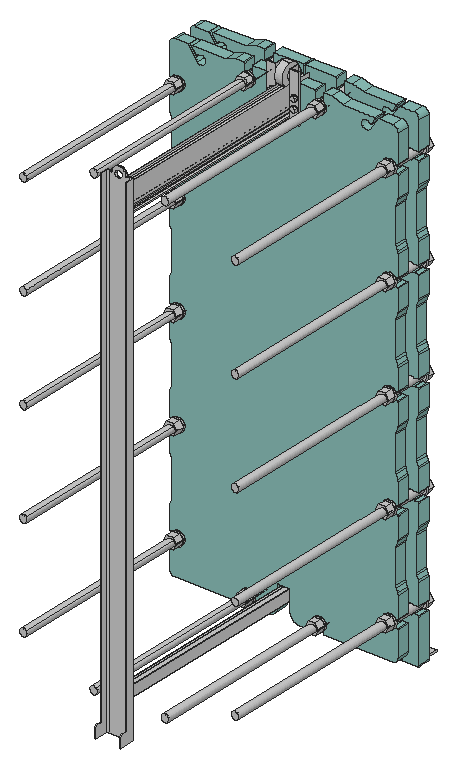
Revit family "Ekin_Endüstriyel - MIT5180", category Specialty Equipment, Revit 2022
Family settings
  Round Connector Dimension = Use Diameter
  Part Type = Normal
  Work Plane-Based = No
  Always vertical = No
  Cut with Voids When Loaded = No
  Maintain Annotation Orientation = No
  Shared = No
  Room Calculation Point = No
Parameters (values of type "Flanged")
  URL = "https://en.ekinendustriyel.com/plate-heat-exchanger"
  Type Comments = ""
  Thickness_of_Plate [instance] = 0.50 mm  # constant formula
  Number_of_Plate [instance] = 20
  Model = if(Hygienic, if(Design Pressure < 11.0 bar, "H12340000F300L", if(Design Pressure < 16.0 bar, " H12340000F300M", " H12340000F300H")), if(Design Pressure < 10.0 bar, "E12340000F2300L", if(Design Pressure < 16.0 bar, " E12340000F300M", " E12340000F300H")))  # "H12340000F300L"
  Material = Galvanized Steel- S235JR
  Manufacturer = "Ekin Endüstriyel"
  M30 = Design Pressure > 10.0 bar  # no
  Lk [instance] = (Number_of_Plate) * ((Thickness_of_Plate) + 3.30 mm)  # 76.00 mm
  Lh [instance] = 2600.00 mm  # constant formula
  Lf [instance] = 2525.00 mm  # constant formula
  Lc [instance] = if(Number_of_Plate < 181, 1200.00 mm, if(Number_of_Plate < 211, 1800.00 mm, if(Number_of_Plate < 313, 2400.00 mm, if(Number_of_Plate < 415, 3000.00 mm, if(Number_of_Plate < 516, 3600.00 mm, if(Number_of_Plate < 618, 4200.00 mm, 4800.00 mm))))))  # 1200.00 mm
  La [instance] = 1190.00 mm  # constant formula
  Keynote = ""
  Industrial [instance] = not(Hygienic)  # no
  Hygienic = yes
  Head & Follower Plate [instance] = if(Design Pressure < 11.0 bar, 60.00 mm, if(Design Pressure < 17.0 bar, 80.00 mm, 100.00 mm))  # 60.00 mm
  Follower Plate [instance] = -(Head & Follower Plate)  # -60.00 mm
  Design Pressure = 7 bar
  Description = if(Design Pressure < 11.0 bar, "MIT - Heat Exchanger - 10 bar", if(Design Pressure < 16.0 bar, " MIT - Heat Exchanger - 16 bar", " MIT - Heat Exchanger - 25 bar"))  # "MIT - Heat Exchanger - 10 bar"
  Default Elevation = 0.00 mm
Reference planes
  plane 1 "Center (Front/Back)": y = 0
  plane 2: z = 0
  plane 3 "Center (Left/Right)": x = 0
  plane 4: x = 1160
  plane 5: x = -1000
  plane 6 "2": y = -136
  plane 7 "1": y = -60
  plane 8 "3": y = -1260
  plane 9 "Bolt End": y = 18.7
  plane 10: y = -1200
Forms (mm)
  Extrusion 1, solid, material "Galvanized Steel", detail levels fine
    sketch origin (4.063, 0, 0) x (1, 0, 0) y (0, 0, 1)
      loop
        line (471.054, 2580) -> (300.887, 2580) -> (245.937, 2600) -> (204.937, 2600)
        arc (204.937, 2600) -> (202.816, 2599.121) -> (201.937, 2597) r 3
        line (201.937, 2597) -> (201.937, 2548.822)
        arc (201.937, 2548.822) -> (202.101, 2547.842) -> (202.576, 2546.97) r 3
        arc (202.576, 2546.97) -> (180.937, 2502.5) -> (159.298, 2546.97) r 27.5
        arc (159.298, 2546.97) -> (159.773, 2547.842) -> (159.937, 2548.822) r 3
        line (159.937, 2548.822) -> (159.937, 2597)
        arc (159.937, 2597) -> (159.058, 2599.121) -> (156.937, 2600) r 3
        line (156.937, 2600) -> (1.937, 2600)
        arc (1.937, 2600) -> (-0.184, 2599.121) -> (-1.063, 2597) r 3
        line (-1.063, 2597) -> (-1.063, 2550.093)
        arc (-1.063, 2550.093) -> (-0.613, 2548.512) -> (0.604, 2547.406) r 3
        arc (0.604, 2547.406) -> (6.437, 2538) -> (0.604, 2528.594) r 10.5
        arc (0.604, 2528.594) -> (-0.613, 2527.488) -> (-1.063, 2525.907) r 3
        line (-1.063, 2525.907) -> (-1.063, 2490.093)
        arc (-1.063, 2490.093) -> (-0.613, 2488.512) -> (0.604, 2487.406) r 3
        arc (0.604, 2487.406) -> (-4.063, 2467.5) -> (-8.73, 2487.406) r 10.5
        arc (-8.73, 2487.406) -> (-7.514, 2488.512) -> (-7.063, 2490.093) r 3
        line (-7.063, 2490.093) -> (-7.063, 2525.907)
        arc (-7.063, 2525.907) -> (-7.514, 2527.488) -> (-8.73, 2528.594) r 3
        arc (-8.73, 2528.594) -> (-14.563, 2538) -> (-8.73, 2547.406) r 10.5
        arc (-8.73, 2547.406) -> (-7.514, 2548.512) -> (-7.063, 2550.093) r 3
        line (-7.063, 2550.093) -> (-7.063, 2597)
        arc (-7.063, 2597) -> (-7.942, 2599.121) -> (-10.063, 2600) r 3
        line (-10.063, 2600) -> (-165.063, 2600)
        arc (-165.063, 2600) -> (-167.184, 2599.121) -> (-168.063, 2597) r 3
        line (-168.063, 2597) -> (-168.063, 2548.822)
        arc (-168.063, 2548.822) -> (-167.899, 2547.842) -> (-167.424, 2546.97) r 3
        arc (-167.424, 2546.97) -> (-189.063, 2502.5) -> (-210.702, 2546.97) r 27.5
        arc (-210.702, 2546.97) -> (-210.227, 2547.842) -> (-210.063, 2548.822) r 3
        line (-210.063, 2548.822) -> (-210.063, 2597)
        arc (-210.063, 2597) -> (-210.942, 2599.121) -> (-213.063, 2600) r 3
        line (-213.063, 2600) -> (-254.063, 2600) -> (-309.013, 2580) -> (-479.181, 2580)
        arc (-479.181, 2580) -> (-481.842, 2578.385) -> (-481.638, 2575.279) r 3
        line (-481.638, 2575.279) -> (-459.713, 2543.967)
        arc (-459.713, 2543.967) -> (-457.231, 2542.688) -> (-454.771, 2544.007) r 3
        arc (-454.771, 2544.007) -> (-409.064, 2530.202) -> (-454.542, 2515.661) r 25
        line (-454.542, 2515.661) -> (-498.697, 2578.721)
        arc (-498.697, 2578.721) -> (-499.769, 2579.661) -> (-501.154, 2580) r 3
        line (-501.154, 2580) -> (-569.063, 2580)
        arc (-569.063, 2580) -> (-590.276, 2571.213) -> (-599.063, 2550) r 30
        line (-599.063, 2550) -> (-599.063, 2405)
        arc (-599.063, 2405) -> (-598.184, 2402.879) -> (-596.063, 2402) r 3
        line (-596.063, 2402) -> (-573.885, 2402)
        arc (-573.885, 2402) -> (-572.905, 2402.164) -> (-572.033, 2402.639) r 3
        arc (-572.033, 2402.639) -> (-527.563, 2381) -> (-572.033, 2359.361) r 27.5
        arc (-572.033, 2359.361) -> (-572.905, 2359.836) -> (-573.885, 2360) r 3
        line (-573.885, 2360) -> (-596.063, 2360)
        arc (-596.063, 2360) -> (-598.184, 2359.121) -> (-599.063, 2357) r 3
        line (-599.063, 2357) -> (-599.063, 2246.76)
        arc (-599.063, 2246.76) -> (-598.607, 2241.55) -> (-597.254, 2236.499) r 30
        line (-597.254, 2236.499) -> (-588.872, 2213.471)
        arc (-588.872, 2213.471) -> (-587.519, 2208.42) -> (-587.063, 2203.21) r 30
        line (-587.063, 2203.21) -> (-587.063, 2028.79)
        arc (-587.063, 2028.79) -> (-587.519, 2023.58) -> (-588.872, 2018.529) r 30
        line (-588.872, 2018.529) -> (-597.254, 1995.501)
        arc (-597.254, 1995.501) -> (-598.607, 1990.45) -> (-599.063, 1985.24) r 30
        line (-599.063, 1985.24) -> (-599.063, 1875)
        arc (-599.063, 1875) -> (-598.184, 1872.879) -> (-596.063, 1872) r 3
        line (-596.063, 1872) -> (-573.885, 1872)
        arc (-573.885, 1872) -> (-572.905, 1872.164) -> (-572.033, 1872.639) r 3
        arc (-572.033, 1872.639) -> (-527.563, 1851) -> (-572.033, 1829.361) r 27.5
        arc (-572.033, 1829.361) -> (-572.905, 1829.836) -> (-573.885, 1830) r 3
        line (-573.885, 1830) -> (-596.063, 1830)
        arc (-596.063, 1830) -> (-598.184, 1829.121) -> (-599.063, 1827) r 3
        line (-599.063, 1827) -> (-599.063, 1716.76)
        arc (-599.063, 1716.76) -> (-598.607, 1711.55) -> (-597.254, 1706.499) r 30
        line (-597.254, 1706.499) -> (-588.872, 1683.471)
        arc (-588.872, 1683.471) -> (-587.519, 1678.42) -> (-587.063, 1673.21) r 30
        line (-587.063, 1673.21) -> (-587.063, 1498.79)
        arc (-587.063, 1498.79) -> (-587.519, 1493.58) -> (-588.872, 1488.529) r 30
        line (-588.872, 1488.529) -> (-597.254, 1465.501)
        arc (-597.254, 1465.501) -> (-598.607, 1460.45) -> (-599.063, 1455.24) r 30
        line (-599.063, 1455.24) -> (-599.063, 1345)
        arc (-599.063, 1345) -> (-598.184, 1342.879) -> (-596.063, 1342) r 3
        line (-596.063, 1342) -> (-573.885, 1342)
        arc (-573.885, 1342) -> (-572.905, 1342.164) -> (-572.033, 1342.639) r 3
        arc (-572.033, 1342.639) -> (-527.563, 1321) -> (-572.033, 1299.361) r 27.5
        arc (-572.033, 1299.361) -> (-572.905, 1299.836) -> (-573.885, 1300) r 3
        line (-573.885, 1300) -> (-596.063, 1300)
        arc (-596.063, 1300) -> (-598.184, 1299.121) -> (-599.063, 1297) r 3
        line (-599.063, 1297) -> (-599.063, 1186.76)
        arc (-599.063, 1186.76) -> (-598.607, 1181.55) -> (-597.254, 1176.499) r 30
        line (-597.254, 1176.499) -> (-588.872, 1153.471)
        arc (-588.872, 1153.471) -> (-587.519, 1148.42) -> (-587.063, 1143.21) r 30
        line (-587.063, 1143.21) -> (-587.063, 968.79)
        arc (-587.063, 968.79) -> (-587.519, 963.58) -> (-588.872, 958.529) r 30
        line (-588.872, 958.529) -> (-597.254, 935.501)
        arc (-597.254, 935.501) -> (-598.607, 930.45) -> (-599.063, 925.24) r 30
        line (-599.063, 925.24) -> (-599.063, 815)
        arc (-599.063, 815) -> (-598.184, 812.879) -> (-596.063, 812) r 3
        line (-596.063, 812) -> (-573.885, 812)
        arc (-573.885, 812) -> (-572.905, 812.164) -> (-572.033, 812.639) r 3
        arc (-572.033, 812.639) -> (-527.563, 791) -> (-572.033, 769.361) r 27.5
        arc (-572.033, 769.361) -> (-572.905, 769.836) -> (-573.885, 770) r 3
        line (-573.885, 770) -> (-596.063, 770)
        arc (-596.063, 770) -> (-598.184, 769.121) -> (-599.063, 767) r 3
        line (-599.063, 767) -> (-599.063, 656.76)
        arc (-599.063, 656.76) -> (-598.607, 651.55) -> (-597.254, 646.499) r 30
        line (-597.254, 646.499) -> (-588.872, 623.471)
        arc (-588.872, 623.471) -> (-587.519, 618.42) -> (-587.063, 613.21) r 30
        line (-587.063, 613.21) -> (-587.063, 438.79)
        arc (-587.063, 438.79) -> (-587.519, 433.58) -> (-588.872, 428.529) r 30
        line (-588.872, 428.529) -> (-597.254, 405.501)
        arc (-597.254, 405.501) -> (-598.607, 400.45) -> (-599.063, 395.24) r 30
        line (-599.063, 395.24) -> (-599.063, 285)
        arc (-599.063, 285) -> (-598.184, 282.879) -> (-596.063, 282) r 3
        line (-596.063, 282) -> (-573.885, 282)
        arc (-573.885, 282) -> (-572.905, 282.164) -> (-572.033, 282.639) r 3
        arc (-572.033, 282.639) -> (-527.563, 261) -> (-572.033, 239.361) r 27.5
        arc (-572.033, 239.361) -> (-572.905, 239.836) -> (-573.885, 240) r 3
        line (-573.885, 240) -> (-596.063, 240)
        arc (-596.063, 240) -> (-598.184, 239.121) -> (-599.063, 237) r 3
        line (-599.063, 237) -> (-599.063, 10)
        arc (-599.063, 10) -> (-596.134, 2.929) -> (-589.063, 0) r 10
        line (-589.063, 0) -> (-515.063, 0)
        arc (-515.063, 0) -> (-512.942, 0.879) -> (-512.063, 3) r 3
        line (-512.063, 3) -> (-512.063, 32.907)
        arc (-512.063, 32.907) -> (-512.514, 34.488) -> (-513.73, 35.594) r 3
        arc (-513.73, 35.594) -> (-509.063, 55.5) -> (-504.396, 35.594) r 10.5
        arc (-504.396, 35.594) -> (-505.613, 34.488) -> (-506.063, 32.907) r 3
        line (-506.063, 32.907) -> (-506.063, 3)
        arc (-506.063, 3) -> (-505.184, 0.879) -> (-503.063, 0) r 3
        line (-503.063, 0) -> (-429.063, 0)
        arc (-429.063, 0) -> (-421.992, 2.929) -> (-419.063, 10) r 10
        line (-419.063, 10) -> (-419.063, 29.216)
        arc (-419.063, 29.216) -> (-417.541, 36.869) -> (-413.205, 43.358) r 20
        line (-413.205, 43.358) -> (-387.421, 69.142)
        arc (-387.421, 69.142) -> (-380.932, 73.478) -> (-373.279, 75) r 20
        line (-373.279, 75) -> (-213.063, 75)
        arc (-213.063, 75) -> (-210.942, 75.879) -> (-210.063, 78) r 3
        line (-210.063, 78) -> (-210.063, 101.178)
        arc (-210.063, 101.178) -> (-210.227, 102.158) -> (-210.702, 103.03) r 3
        arc (-210.702, 103.03) -> (-189.063, 147.5) -> (-167.424, 103.03) r 27.5
        arc (-167.424, 103.03) -> (-167.899, 102.158) -> (-168.063, 101.178) r 3
        line (-168.063, 101.178) -> (-168.063, 78)
        arc (-168.063, 78) -> (-167.184, 75.879) -> (-165.063, 75) r 3
        line (-165.063, 75) -> (-10.063, 75)
        arc (-10.063, 75) -> (-7.942, 75.879) -> (-7.063, 78) r 3
        line (-7.063, 78) -> (-7.063, 126.907)
        arc (-7.063, 126.907) -> (-7.514, 128.488) -> (-8.73, 129.594) r 3
        arc (-8.73, 129.594) -> (-14.563, 139) -> (-8.73, 148.406) r 10.5
        arc (-8.73, 148.406) -> (-7.514, 149.512) -> (-7.063, 151.093) r 3
        line (-7.063, 151.093) -> (-7.063, 186.907)
        arc (-7.063, 186.907) -> (-7.514, 188.488) -> (-8.73, 189.594) r 3
        arc (-8.73, 189.594) -> (-4.063, 209.5) -> (0.604, 189.594) r 10.5
        arc (0.604, 189.594) -> (-0.613, 188.488) -> (-1.063, 186.907) r 3
        line (-1.063, 186.907) -> (-1.063, 151.093)
        arc (-1.063, 151.093) -> (-0.613, 149.512) -> (0.604, 148.406) r 3
        arc (0.604, 148.406) -> (6.437, 139) -> (0.604, 129.594) r 10.5
        arc (0.604, 129.594) -> (-0.613, 128.488) -> (-1.063, 126.907) r 3
        line (-1.063, 126.907) -> (-1.063, 78)
        arc (-1.063, 78) -> (-0.184, 75.879) -> (1.937, 75) r 3
        line (1.937, 75) -> (156.937, 75)
        arc (156.937, 75) -> (159.058, 75.879) -> (159.937, 78) r 3
        line (159.937, 78) -> (159.937, 101.178)
        arc (159.937, 101.178) -> (159.773, 102.158) -> (159.298, 103.03) r 3
        arc (159.298, 103.03) -> (180.937, 147.5) -> (202.576, 103.03) r 27.5
        arc (202.576, 103.03) -> (202.101, 102.158) -> (201.937, 101.178) r 3
        line (201.937, 101.178) -> (201.937, 78)
        arc (201.937, 78) -> (202.816, 75.879) -> (204.937, 75) r 3
        line (204.937, 75) -> (365.153, 75)
        arc (365.153, 75) -> (372.806, 73.478) -> (379.295, 69.142) r 20
        line (379.295, 69.142) -> (405.079, 43.358)
        arc (405.079, 43.358) -> (409.415, 36.869) -> (410.937, 29.216) r 20
        line (410.937, 29.216) -> (410.937, 10)
        arc (410.937, 10) -> (413.866, 2.929) -> (420.937, 0) r 10
        line (420.937, 0) -> (494.937, 0)
        arc (494.937, 0) -> (497.058, 0.879) -> (497.937, 3) r 3
        line (497.937, 3) -> (497.937, 32.907)
        arc (497.937, 32.907) -> (497.486, 34.488) -> (496.27, 35.594) r 3
        arc (496.27, 35.594) -> (500.937, 55.5) -> (505.604, 35.594) r 10.5
        arc (505.604, 35.594) -> (504.387, 34.488) -> (503.937, 32.907) r 3
        line (503.937, 32.907) -> (503.937, 3)
        arc (503.937, 3) -> (504.816, 0.879) -> (506.937, 0) r 3
        line (506.937, 0) -> (580.937, 0)
        arc (580.937, 0) -> (588.008, 2.929) -> (590.937, 10) r 10
        line (590.937, 10) -> (590.937, 237)
        arc (590.937, 237) -> (590.058, 239.121) -> (587.937, 240) r 3
        line (587.937, 240) -> (565.759, 240)
        arc (565.759, 240) -> (564.779, 239.836) -> (563.907, 239.361) r 3
        arc (563.907, 239.361) -> (519.437, 261) -> (563.907, 282.639) r 27.5
        arc (563.907, 282.639) -> (564.779, 282.164) -> (565.759, 282) r 3
        line (565.759, 282) -> (587.937, 282)
        arc (587.937, 282) -> (590.058, 282.879) -> (590.937, 285) r 3
        line (590.937, 285) -> (590.937, 395.24)
        arc (590.937, 395.24) -> (590.481, 400.45) -> (589.128, 405.501) r 30
        line (589.128, 405.501) -> (580.746, 428.529)
        arc (580.746, 428.529) -> (579.393, 433.58) -> (578.937, 438.79) r 30
        line (578.937, 438.79) -> (578.937, 613.21)
        arc (578.937, 613.21) -> (579.393, 618.42) -> (580.746, 623.471) r 30
        line (580.746, 623.471) -> (589.128, 646.499)
        arc (589.128, 646.499) -> (590.481, 651.55) -> (590.937, 656.76) r 30
        line (590.937, 656.76) -> (590.937, 767)
        arc (590.937, 767) -> (590.058, 769.121) -> (587.937, 770) r 3
        line (587.937, 770) -> (565.759, 770)
        arc (565.759, 770) -> (564.779, 769.836) -> (563.907, 769.361) r 3
        arc (563.907, 769.361) -> (519.437, 791) -> (563.907, 812.639) r 27.5
        arc (563.907, 812.639) -> (564.779, 812.164) -> (565.759, 812) r 3
        line (565.759, 812) -> (587.937, 812)
        arc (587.937, 812) -> (590.058, 812.879) -> (590.937, 815) r 3
        line (590.937, 815) -> (590.937, 925.24)
        arc (590.937, 925.24) -> (590.481, 930.45) -> (589.128, 935.501) r 30
        line (589.128, 935.501) -> (580.746, 958.529)
        arc (580.746, 958.529) -> (579.393, 963.58) -> (578.937, 968.79) r 30
        line (578.937, 968.79) -> (578.937, 1143.21)
        arc (578.937, 1143.21) -> (579.393, 1148.42) -> (580.746, 1153.471) r 30
        line (580.746, 1153.471) -> (589.128, 1176.499)
        arc (589.128, 1176.499) -> (590.481, 1181.55) -> (590.937, 1186.76) r 30
        line (590.937, 1186.76) -> (590.937, 1297)
        arc (590.937, 1297) -> (590.058, 1299.121) -> (587.937, 1300) r 3
        line (587.937, 1300) -> (565.759, 1300)
        arc (565.759, 1300) -> (564.779, 1299.836) -> (563.907, 1299.361) r 3
        arc (563.907, 1299.361) -> (519.437, 1321) -> (563.907, 1342.639) r 27.5
        arc (563.907, 1342.639) -> (564.779, 1342.164) -> (565.759, 1342) r 3
        line (565.759, 1342) -> (587.937, 1342)
        arc (587.937, 1342) -> (590.058, 1342.879) -> (590.937, 1345) r 3
        line (590.937, 1345) -> (590.937, 1455.24)
        arc (590.937, 1455.24) -> (590.481, 1460.45) -> (589.128, 1465.501) r 30
        line (589.128, 1465.501) -> (580.746, 1488.529)
        arc (580.746, 1488.529) -> (579.393, 1493.58) -> (578.937, 1498.79) r 30
        line (578.937, 1498.79) -> (578.937, 1673.21)
        arc (578.937, 1673.21) -> (579.393, 1678.42) -> (580.746, 1683.471) r 30
        line (580.746, 1683.471) -> (589.128, 1706.499)
        arc (589.128, 1706.499) -> (590.481, 1711.55) -> (590.937, 1716.76) r 30
        line (590.937, 1716.76) -> (590.937, 1827)
        arc (590.937, 1827) -> (590.058, 1829.121) -> (587.937, 1830) r 3
        line (587.937, 1830) -> (565.759, 1830)
        arc (565.759, 1830) -> (564.779, 1829.836) -> (563.907, 1829.361) r 3
        arc (563.907, 1829.361) -> (519.437, 1851) -> (563.907, 1872.639) r 27.5
        arc (563.907, 1872.639) -> (564.779, 1872.164) -> (565.759, 1872) r 3
        line (565.759, 1872) -> (587.937, 1872)
        arc (587.937, 1872) -> (590.058, 1872.879) -> (590.937, 1875) r 3
        line (590.937, 1875) -> (590.937, 1985.24)
        arc (590.937, 1985.24) -> (590.481, 1990.45) -> (589.128, 1995.501) r 30
        line (589.128, 1995.501) -> (580.746, 2018.529)
        arc (580.746, 2018.529) -> (579.393, 2023.58) -> (578.937, 2028.79) r 30
        line (578.937, 2028.79) -> (578.937, 2203.21)
        arc (578.937, 2203.21) -> (579.393, 2208.42) -> (580.746, 2213.471) r 30
        line (580.746, 2213.471) -> (589.128, 2236.499)
        arc (589.128, 2236.499) -> (590.481, 2241.55) -> (590.937, 2246.76) r 30
        line (590.937, 2246.76) -> (590.937, 2357)
        arc (590.937, 2357) -> (590.058, 2359.121) -> (587.937, 2360) r 3
        line (587.937, 2360) -> (565.759, 2360)
        arc (565.759, 2360) -> (564.779, 2359.836) -> (563.907, 2359.361) r 3
        arc (563.907, 2359.361) -> (519.437, 2381) -> (563.907, 2402.639) r 27.5
        arc (563.907, 2402.639) -> (564.779, 2402.164) -> (565.759, 2402) r 3
        line (565.759, 2402) -> (587.937, 2402)
        arc (587.937, 2402) -> (590.058, 2402.879) -> (590.937, 2405) r 3
        line (590.937, 2405) -> (590.937, 2550)
        arc (590.937, 2550) -> (582.15, 2571.213) -> (560.937, 2580) r 30
        line (560.937, 2580) -> (493.028, 2580)
        arc (493.028, 2580) -> (491.643, 2579.661) -> (490.571, 2578.721) r 3
        line (490.571, 2578.721) -> (446.416, 2515.661)
        arc (446.416, 2515.661) -> (400.938, 2530.202) -> (446.645, 2544.007) r 25
        arc (446.645, 2544.007) -> (449.105, 2542.688) -> (451.587, 2543.967) r 3
        line (451.587, 2543.967) -> (473.512, 2575.279)
        arc (473.512, 2575.279) -> (473.716, 2578.385) -> (471.054, 2580) r 3
      loop
        circle (293.937, 2242) r 159
      loop
        circle (293.937, 400) r 159
      loop
        circle (-302.063, 2242) r 159
      loop
        circle (-302.063, 400) r 159
    from 0 to 60
  Extrusion 2, solid, material "Galvanized Steel", detail levels fine
    sketch origin (4.063, -136, 0) x (-1, 0, 0) y (0, 0, 1)
      loop
        arc (-471.054, 2580) -> (-473.716, 2578.385) -> (-473.512, 2575.279) r 3
        line (-473.512, 2575.279) -> (-451.587, 2543.967)
        arc (-451.587, 2543.967) -> (-449.105, 2542.688) -> (-446.645, 2544.007) r 3
        arc (-446.645, 2544.007) -> (-400.938, 2530.202) -> (-446.416, 2515.661) r 25
        line (-446.416, 2515.661) -> (-490.571, 2578.721)
        arc (-490.571, 2578.721) -> (-491.643, 2579.661) -> (-493.028, 2580) r 3
        line (-493.028, 2580) -> (-560.937, 2580)
        arc (-560.937, 2580) -> (-582.15, 2571.213) -> (-590.937, 2550) r 30
        line (-590.937, 2550) -> (-590.937, 2405)
        arc (-590.937, 2405) -> (-590.058, 2402.879) -> (-587.937, 2402) r 3
        line (-587.937, 2402) -> (-565.759, 2402)
        arc (-565.759, 2402) -> (-564.779, 2402.164) -> (-563.907, 2402.639) r 3
        arc (-563.907, 2402.639) -> (-519.437, 2381) -> (-563.907, 2359.361) r 27.5
        arc (-563.907, 2359.361) -> (-564.779, 2359.836) -> (-565.759, 2360) r 3
        line (-565.759, 2360) -> (-587.937, 2360)
        arc (-587.937, 2360) -> (-590.058, 2359.121) -> (-590.937, 2357) r 3
        line (-590.937, 2357) -> (-590.937, 2246.76)
        arc (-590.937, 2246.76) -> (-590.481, 2241.55) -> (-589.128, 2236.499) r 30
        line (-589.128, 2236.499) -> (-580.746, 2213.471)
        arc (-580.746, 2213.471) -> (-579.393, 2208.42) -> (-578.937, 2203.21) r 30
        line (-578.937, 2203.21) -> (-578.937, 2028.79)
        arc (-578.937, 2028.79) -> (-579.393, 2023.58) -> (-580.746, 2018.529) r 30
        line (-580.746, 2018.529) -> (-589.128, 1995.501)
        arc (-589.128, 1995.501) -> (-590.481, 1990.45) -> (-590.937, 1985.24) r 30
        line (-590.937, 1985.24) -> (-590.937, 1875)
        arc (-590.937, 1875) -> (-590.058, 1872.879) -> (-587.937, 1872) r 3
        line (-587.937, 1872) -> (-565.759, 1872)
        arc (-565.759, 1872) -> (-564.779, 1872.164) -> (-563.907, 1872.639) r 3
        arc (-563.907, 1872.639) -> (-519.437, 1851) -> (-563.907, 1829.361) r 27.5
        arc (-563.907, 1829.361) -> (-564.779, 1829.836) -> (-565.759, 1830) r 3
        line (-565.759, 1830) -> (-587.937, 1830)
        arc (-587.937, 1830) -> (-590.058, 1829.121) -> (-590.937, 1827) r 3
        line (-590.937, 1827) -> (-590.937, 1716.76)
        arc (-590.937, 1716.76) -> (-590.481, 1711.55) -> (-589.128, 1706.499) r 30
        line (-589.128, 1706.499) -> (-580.746, 1683.471)
        arc (-580.746, 1683.471) -> (-579.393, 1678.42) -> (-578.937, 1673.21) r 30
        line (-578.937, 1673.21) -> (-578.937, 1498.79)
        arc (-578.937, 1498.79) -> (-579.393, 1493.58) -> (-580.746, 1488.529) r 30
        line (-580.746, 1488.529) -> (-589.128, 1465.501)
        arc (-589.128, 1465.501) -> (-590.481, 1460.45) -> (-590.937, 1455.24) r 30
        line (-590.937, 1455.24) -> (-590.937, 1345)
        arc (-590.937, 1345) -> (-590.058, 1342.879) -> (-587.937, 1342) r 3
        line (-587.937, 1342) -> (-565.759, 1342)
        arc (-565.759, 1342) -> (-564.779, 1342.164) -> (-563.907, 1342.639) r 3
        arc (-563.907, 1342.639) -> (-519.437, 1321) -> (-563.907, 1299.361) r 27.5
        arc (-563.907, 1299.361) -> (-564.779, 1299.836) -> (-565.759, 1300) r 3
        line (-565.759, 1300) -> (-587.937, 1300)
        arc (-587.937, 1300) -> (-590.058, 1299.121) -> (-590.937, 1297) r 3
        line (-590.937, 1297) -> (-590.937, 1186.76)
        arc (-590.937, 1186.76) -> (-590.481, 1181.55) -> (-589.128, 1176.499) r 30
        line (-589.128, 1176.499) -> (-580.746, 1153.471)
        arc (-580.746, 1153.471) -> (-579.393, 1148.42) -> (-578.937, 1143.21) r 30
        line (-578.937, 1143.21) -> (-578.937, 968.79)
        arc (-578.937, 968.79) -> (-579.393, 963.58) -> (-580.746, 958.529) r 30
        line (-580.746, 958.529) -> (-589.128, 935.501)
        arc (-589.128, 935.501) -> (-590.481, 930.45) -> (-590.937, 925.24) r 30
        line (-590.937, 925.24) -> (-590.937, 815)
        arc (-590.937, 815) -> (-590.058, 812.879) -> (-587.937, 812) r 3
        line (-587.937, 812) -> (-565.759, 812)
        arc (-565.759, 812) -> (-564.779, 812.164) -> (-563.907, 812.639) r 3
        arc (-563.907, 812.639) -> (-519.437, 791) -> (-563.907, 769.361) r 27.5
        arc (-563.907, 769.361) -> (-564.779, 769.836) -> (-565.759, 770) r 3
        line (-565.759, 770) -> (-587.937, 770)
        arc (-587.937, 770) -> (-590.058, 769.121) -> (-590.937, 767) r 3
        line (-590.937, 767) -> (-590.937, 656.76)
        arc (-590.937, 656.76) -> (-590.481, 651.55) -> (-589.128, 646.499) r 30
        line (-589.128, 646.499) -> (-580.746, 623.471)
        arc (-580.746, 623.471) -> (-579.393, 618.42) -> (-578.937, 613.21) r 30
        line (-578.937, 613.21) -> (-578.937, 438.79)
        arc (-578.937, 438.79) -> (-579.393, 433.58) -> (-580.746, 428.529) r 30
        line (-580.746, 428.529) -> (-589.128, 405.501)
        arc (-589.128, 405.501) -> (-590.481, 400.45) -> (-590.937, 395.24) r 30
        line (-590.937, 395.24) -> (-590.937, 285)
        arc (-590.937, 285) -> (-590.058, 282.879) -> (-587.937, 282) r 3
        line (-587.937, 282) -> (-565.759, 282)
        arc (-565.759, 282) -> (-564.779, 282.164) -> (-563.907, 282.639) r 3
        arc (-563.907, 282.639) -> (-519.437, 261) -> (-563.907, 239.361) r 27.5
        arc (-563.907, 239.361) -> (-564.779, 239.836) -> (-565.759, 240) r 3
        line (-565.759, 240) -> (-587.937, 240)
        arc (-587.937, 240) -> (-590.058, 239.121) -> (-590.937, 237) r 3
        line (-590.937, 237) -> (-590.937, 105)
        arc (-590.937, 105) -> (-582.15, 83.787) -> (-560.937, 75) r 30
        line (-560.937, 75) -> (-204.937, 75)
        arc (-204.937, 75) -> (-202.816, 75.879) -> (-201.937, 78) r 3
        line (-201.937, 78) -> (-201.937, 101.178)
        arc (-201.937, 101.178) -> (-202.101, 102.158) -> (-202.576, 103.03) r 3
        arc (-202.576, 103.03) -> (-180.937, 147.5) -> (-159.298, 103.03) r 27.5
        arc (-159.298, 103.03) -> (-159.773, 102.158) -> (-159.937, 101.178) r 3
        line (-159.937, 101.178) -> (-159.937, 78)
        arc (-159.937, 78) -> (-159.058, 75.879) -> (-156.937, 75) r 3
        line (-156.937, 75) -> (-75.937, 75)
        arc (-75.937, 75) -> (-40.582, 89.645) -> (-25.937, 125) r 50
        line (-25.937, 125) -> (-25.937, 230) -> (34.063, 230) -> (34.063, 125)
        arc (34.063, 125) -> (48.708, 89.645) -> (84.063, 75) r 50
        line (84.063, 75) -> (165.063, 75)
        arc (165.063, 75) -> (167.184, 75.879) -> (168.063, 78) r 3
        line (168.063, 78) -> (168.063, 101.178)
        arc (168.063, 101.178) -> (167.899, 102.158) -> (167.424, 103.03) r 3
        arc (167.424, 103.03) -> (189.063, 147.5) -> (210.702, 103.03) r 27.5
        arc (210.702, 103.03) -> (210.227, 102.158) -> (210.063, 101.178) r 3
        line (210.063, 101.178) -> (210.063, 78)
        arc (210.063, 78) -> (210.942, 75.879) -> (213.063, 75) r 3
        line (213.063, 75) -> (569.063, 75)
        arc (569.063, 75) -> (590.276, 83.787) -> (599.063, 105) r 30
        line (599.063, 105) -> (599.063, 237)
        arc (599.063, 237) -> (598.184, 239.121) -> (596.063, 240) r 3
        line (596.063, 240) -> (573.885, 240)
        arc (573.885, 240) -> (572.905, 239.836) -> (572.033, 239.361) r 3
        arc (572.033, 239.361) -> (527.563, 261) -> (572.033, 282.639) r 27.5
        arc (572.033, 282.639) -> (572.905, 282.164) -> (573.885, 282) r 3
        line (573.885, 282) -> (596.063, 282)
        arc (596.063, 282) -> (598.184, 282.879) -> (599.063, 285) r 3
        line (599.063, 285) -> (599.063, 395.24)
        arc (599.063, 395.24) -> (598.607, 400.45) -> (597.254, 405.501) r 30
        line (597.254, 405.501) -> (588.872, 428.529)
        arc (588.872, 428.529) -> (587.519, 433.58) -> (587.063, 438.79) r 30
        line (587.063, 438.79) -> (587.063, 613.21)
        arc (587.063, 613.21) -> (587.519, 618.42) -> (588.872, 623.471) r 30
        line (588.872, 623.471) -> (597.254, 646.499)
        arc (597.254, 646.499) -> (598.607, 651.55) -> (599.063, 656.76) r 30
        line (599.063, 656.76) -> (599.063, 767)
        arc (599.063, 767) -> (598.184, 769.121) -> (596.063, 770) r 3
        line (596.063, 770) -> (573.885, 770)
        arc (573.885, 770) -> (572.905, 769.836) -> (572.033, 769.361) r 3
        arc (572.033, 769.361) -> (527.563, 791) -> (572.033, 812.639) r 27.5
        arc (572.033, 812.639) -> (572.905, 812.164) -> (573.885, 812) r 3
        line (573.885, 812) -> (596.063, 812)
        arc (596.063, 812) -> (598.184, 812.879) -> (599.063, 815) r 3
        line (599.063, 815) -> (599.063, 925.24)
        arc (599.063, 925.24) -> (598.607, 930.45) -> (597.254, 935.501) r 30
        line (597.254, 935.501) -> (588.872, 958.529)
        arc (588.872, 958.529) -> (587.519, 963.58) -> (587.063, 968.79) r 30
        line (587.063, 968.79) -> (587.063, 1143.21)
        arc (587.063, 1143.21) -> (587.519, 1148.42) -> (588.872, 1153.471) r 30
        line (588.872, 1153.471) -> (597.254, 1176.499)
        arc (597.254, 1176.499) -> (598.607, 1181.55) -> (599.063, 1186.76) r 30
        line (599.063, 1186.76) -> (599.063, 1297)
        arc (599.063, 1297) -> (598.184, 1299.121) -> (596.063, 1300) r 3
        line (596.063, 1300) -> (573.885, 1300)
        arc (573.885, 1300) -> (572.905, 1299.836) -> (572.033, 1299.361) r 3
        arc (572.033, 1299.361) -> (527.563, 1321) -> (572.033, 1342.639) r 27.5
        arc (572.033, 1342.639) -> (572.905, 1342.164) -> (573.885, 1342) r 3
        line (573.885, 1342) -> (596.063, 1342)
        arc (596.063, 1342) -> (598.184, 1342.879) -> (599.063, 1345) r 3
        line (599.063, 1345) -> (599.063, 1455.24)
        arc (599.063, 1455.24) -> (598.607, 1460.45) -> (597.254, 1465.501) r 30
        line (597.254, 1465.501) -> (588.872, 1488.529)
        arc (588.872, 1488.529) -> (587.519, 1493.58) -> (587.063, 1498.79) r 30
        line (587.063, 1498.79) -> (587.063, 1673.21)
        arc (587.063, 1673.21) -> (587.519, 1678.42) -> (588.872, 1683.471) r 30
        line (588.872, 1683.471) -> (597.254, 1706.499)
        arc (597.254, 1706.499) -> (598.607, 1711.55) -> (599.063, 1716.76) r 30
        line (599.063, 1716.76) -> (599.063, 1827)
        arc (599.063, 1827) -> (598.184, 1829.121) -> (596.063, 1830) r 3
        line (596.063, 1830) -> (573.885, 1830)
        arc (573.885, 1830) -> (572.905, 1829.836) -> (572.033, 1829.361) r 3
        arc (572.033, 1829.361) -> (527.563, 1851) -> (572.033, 1872.639) r 27.5
        arc (572.033, 1872.639) -> (572.905, 1872.164) -> (573.885, 1872) r 3
        line (573.885, 1872) -> (596.063, 1872)
        arc (596.063, 1872) -> (598.184, 1872.879) -> (599.063, 1875) r 3
        line (599.063, 1875) -> (599.063, 1985.24)
        arc (599.063, 1985.24) -> (598.607, 1990.45) -> (597.254, 1995.501) r 30
        line (597.254, 1995.501) -> (588.872, 2018.529)
        arc (588.872, 2018.529) -> (587.519, 2023.58) -> (587.063, 2028.79) r 30
        line (587.063, 2028.79) -> (587.063, 2203.21)
        arc (587.063, 2203.21) -> (587.519, 2208.42) -> (588.872, 2213.471) r 30
        line (588.872, 2213.471) -> (597.254, 2236.499)
        arc (597.254, 2236.499) -> (598.607, 2241.55) -> (599.063, 2246.76) r 30
        line (599.063, 2246.76) -> (599.063, 2357)
        arc (599.063, 2357) -> (598.184, 2359.121) -> (596.063, 2360) r 3
        line (596.063, 2360) -> (573.885, 2360)
        arc (573.885, 2360) -> (572.905, 2359.836) -> (572.033, 2359.361) r 3
        arc (572.033, 2359.361) -> (527.563, 2381) -> (572.033, 2402.639) r 27.5
        arc (572.033, 2402.639) -> (572.905, 2402.164) -> (573.885, 2402) r 3
        line (573.885, 2402) -> (596.063, 2402)
        arc (596.063, 2402) -> (598.184, 2402.879) -> (599.063, 2405) r 3
        line (599.063, 2405) -> (599.063, 2550)
        arc (599.063, 2550) -> (590.276, 2571.213) -> (569.063, 2580) r 30
        line (569.063, 2580) -> (501.154, 2580)
        arc (501.154, 2580) -> (499.769, 2579.661) -> (498.697, 2578.721) r 3
        line (498.697, 2578.721) -> (454.542, 2515.661)
        arc (454.542, 2515.661) -> (409.064, 2530.202) -> (454.771, 2544.007) r 25
        arc (454.771, 2544.007) -> (457.231, 2542.688) -> (459.713, 2543.967) r 3
        line (459.713, 2543.967) -> (481.638, 2575.279)
        arc (481.638, 2575.279) -> (481.842, 2578.385) -> (479.181, 2580) r 3
        line (479.181, 2580) -> (309.013, 2580) -> (254.063, 2600) -> (213.063, 2600)
        arc (213.063, 2600) -> (210.942, 2599.121) -> (210.063, 2597) r 3
        line (210.063, 2597) -> (210.063, 2548.822)
        arc (210.063, 2548.822) -> (210.227, 2547.842) -> (210.702, 2546.97) r 3
        arc (210.702, 2546.97) -> (189.063, 2502.5) -> (167.424, 2546.97) r 27.5
        arc (167.424, 2546.97) -> (167.899, 2547.842) -> (168.063, 2548.822) r 3
        line (168.063, 2548.822) -> (168.063, 2597)
        arc (168.063, 2597) -> (167.184, 2599.121) -> (165.063, 2600) r 3
        line (165.063, 2600) -> (79.063, 2600) -> (79.063, 2545) -> (45.063, 2545) -> (45.063, 2530.2) -> (51.751, 2530.2)
        arc (51.751, 2530.2) -> (72.313, 2527.2) -> (51.751, 2524.2) r 10.5
        line (51.751, 2524.2) -> (45.063, 2524.2) -> (45.063, 2480.2) -> (51.751, 2480.2)
        arc (51.751, 2480.2) -> (72.313, 2477.2) -> (51.751, 2474.2) r 10.5
        line (51.751, 2474.2) -> (45.063, 2474.2) -> (45.063, 2400) -> (-36.937, 2400) -> (-36.937, 2474.2) -> (-43.625, 2474.2)
        arc (-43.625, 2474.2) -> (-64.187, 2477.2) -> (-43.625, 2480.2) r 10.5
        line (-43.625, 2480.2) -> (-36.937, 2480.2) -> (-36.937, 2524.2) -> (-43.625, 2524.2)
        arc (-43.625, 2524.2) -> (-64.187, 2527.2) -> (-43.625, 2530.2) r 10.5
        line (-43.625, 2530.2) -> (-36.937, 2530.2) -> (-36.937, 2545) -> (-70.937, 2545) -> (-70.937, 2600) -> (-156.937, 2600)
        arc (-156.937, 2600) -> (-159.058, 2599.121) -> (-159.937, 2597) r 3
        line (-159.937, 2597) -> (-159.937, 2548.822)
        arc (-159.937, 2548.822) -> (-159.773, 2547.842) -> (-159.298, 2546.97) r 3
        arc (-159.298, 2546.97) -> (-180.937, 2502.5) -> (-202.576, 2546.97) r 27.5
        arc (-202.576, 2546.97) -> (-202.101, 2547.842) -> (-201.937, 2548.822) r 3
        line (-201.937, 2548.822) -> (-201.937, 2597)
        arc (-201.937, 2597) -> (-202.816, 2599.121) -> (-204.937, 2600) r 3
        line (-204.937, 2600) -> (-245.937, 2600) -> (-300.887, 2580) -> (-471.054, 2580)
    from 0 to -60 <- "Follower Plate"
  Extrusion 3, solid, material "Galvanized Steel- S235JR"
    sketch origin (0, 0, 0) x (1, 0, 0) y (0, 0, 1)
      loop
        line (-18, 159) -> (18, 159)
        arc (18, 159) -> (19.414, 159.586) -> (20, 161) r 2
        line (20, 161) -> (20, 217)
        arc (20, 217) -> (19.414, 218.414) -> (18, 219) r 2
        line (18, 219) -> (-18, 219)
        arc (-18, 219) -> (-19.414, 218.414) -> (-20, 217) r 2
        line (-20, 217) -> (-20, 161)
        arc (-20, 161) -> (-19.414, 159.586) -> (-18, 159) r 2
      loop
        line (-13, 164) -> (13, 164)
        arc (13, 164) -> (14.414, 164.586) -> (15, 166) r 2
        line (15, 166) -> (15, 212)
        arc (15, 212) -> (14.414, 213.414) -> (13, 214) r 2
        line (13, 214) -> (-13, 214)
        arc (-13, 214) -> (-14.414, 213.414) -> (-15, 212) r 2
        line (-15, 212) -> (-15, 166)
        arc (-15, 166) -> (-14.414, 164.586) -> (-13, 164) r 2
      loop
        line (-21.125, 2455) -> (-6.125, 2455)
        arc (-6.125, 2455) -> (-4.004, 2454.121) -> (-3.125, 2452) r 3
        line (-3.125, 2452) -> (-3.125, 2428)
        arc (-3.125, 2428) -> (-4.004, 2425.879) -> (-6.125, 2425) r 3
        line (-6.125, 2425) -> (-26.125, 2425) -> (-26.125, 2422) -> (-3.125, 2422)
        arc (-3.125, 2422) -> (-1.004, 2422.879) -> (-0.125, 2425) r 3
        arc (-0.125, 2425) -> (0.754, 2422.879) -> (2.875, 2422) r 3
        line (2.875, 2422) -> (25.875, 2422) -> (25.875, 2425) -> (5.875, 2425)
        arc (5.875, 2425) -> (3.754, 2425.879) -> (2.875, 2428) r 3
        line (2.875, 2428) -> (2.875, 2452)
        arc (2.875, 2452) -> (3.754, 2454.121) -> (5.875, 2455) r 3
        line (5.875, 2455) -> (20.875, 2455)
        arc (20.875, 2455) -> (22.289, 2455.586) -> (22.875, 2457) r 2
        line (22.875, 2457) -> (22.875, 2570) -> (19.875, 2570) -> (19.875, 2558) -> (-20.125, 2558) -> (-20.125, 2570) -> (-23.125, 2570) -> (-23.125, 2457)
        arc (-23.125, 2457) -> (-22.539, 2455.586) -> (-21.125, 2455) r 2
      loop
        line (-13.125, 2463) -> (12.875, 2463)
        arc (12.875, 2463) -> (14.289, 2463.586) -> (14.875, 2465) r 2
        line (14.875, 2465) -> (14.875, 2551)
        arc (14.875, 2551) -> (14.289, 2552.414) -> (12.875, 2553) r 2
        line (12.875, 2553) -> (-13.125, 2553)
        arc (-13.125, 2553) -> (-14.539, 2552.414) -> (-15.125, 2551) r 2
        line (-15.125, 2551) -> (-15.125, 2465)
        arc (-15.125, 2465) -> (-14.539, 2463.586) -> (-13.125, 2463) r 2
    from 60 to 1260
  Extrusion 4, solid, material "Galvanized Steel- S235JR"
    sketch origin (0, 0, 0) x (1, 0, 0) y (0, 0, 1)
      loop
        circle (551, 261) r 19.5
      loop
        circle (551, 791) r 19.5
      loop
        circle (551, 1321) r 19.5
      loop
        circle (551, 1851) r 19.5
      loop
        circle (551, 2381) r 19.5
      loop
        circle (185, 2530) r 19.5
      loop
        circle (185, 120) r 19.5
      loop
        circle (-551, 261) r 19.5
      loop
        circle (-551, 791) r 19.5
      loop
        circle (-551, 1321) r 19.5
      loop
        circle (-551, 1851) r 19.5
      loop
        circle (-551, 2381) r 19.5
      loop
        circle (-185, 2530) r 19.5
      loop
        circle (-185, 120) r 19.5
    from 0 to 1200
  Extrusion 5, solid, material "Galvanized Steel- S235JR", detail levels fine
    sketch origin (0, 0, 0) x (1, 0, 0) y (0, 0, 1)
      loop
        line (495.989, 56.275) -> (490.73, 42.833) -> (499.741, 31.558) -> (514.011, 33.725) -> (519.27, 47.167) -> (510.259, 58.442) -> (495.989, 56.275)
      loop
        line (-514.011, 56.275) -> (-519.27, 42.833) -> (-510.259, 31.558) -> (-495.989, 33.725) -> (-490.73, 47.167) -> (-499.741, 58.442) -> (-514.011, 56.275)
    from -21 to -8
  Extrusion 6, solid, material "Galvanized Steel- S235JR", detail levels fine
    sketch origin (276.226, -60, -33.535) x (1, 0, 0) y (0, 0, 1)
      loop
        circle (228.774, 78.535) r 15
      loop
        circle (-781.226, 78.535) r 15
    from 0 to 3
  Extrusion 7, solid, material "Galvanized Steel- S235JR", detail levels fine
    sketch origin (0, 0, 0) x (1, 0, 0) y (0, 0, 1)
      loop
        circle (505, 45) r 8
      loop
        circle (-505, 45) r 8
    from 84 to -8
  Extrusion 8, solid, material "Galvanized Steel- S235JR", detail levels fine
    sketch origin (29.639, -60, 34.419) x (1, 0, 0) y (0, 0, 1)
      loop
        line (466.35, 21.856) -> (461.091, 8.414) -> (470.102, -2.861) -> (484.373, -0.694) -> (489.631, 12.747) -> (480.62, 24.023) -> (466.35, 21.856)
      loop
        line (-543.65, 21.856) -> (-548.909, 8.414) -> (-539.898, -2.861) -> (-525.627, -0.694) -> (-520.369, 12.747) -> (-529.38, 24.023) -> (-543.65, 21.856)
    from 11 to 3
  Extrusion 9, solid, material "Galvanized Steel- S235JR", detail levels fine
    sketch origin (0, 0, 0) x (1, 0, 0) y (0, 0, 1)
      loop
        line (344.75, 616.983) -> (331.477, 602.036) -> (337.785, 583.068) -> (357.366, 579.046) -> (370.639, 593.993) -> (364.331, 612.962) -> (344.75, 616.983)
      loop
        line (428.01, 558.23) -> (423.988, 538.649) -> (438.936, 525.376) -> (457.904, 531.684) -> (461.925, 551.265) -> (446.978, 564.538) -> (428.01, 558.23)
      loop
        line (476.433, 457.079) -> (482.742, 438.111) -> (502.323, 434.089) -> (515.596, 449.037) -> (509.288, 468.005) -> (489.707, 472.027) -> (476.433, 457.079)
      loop
        line (481.068, 360.215) -> (477.046, 340.634) -> (491.993, 327.361) -> (510.962, 333.669) -> (514.983, 353.25) -> (500.036, 366.523) -> (481.068, 360.215)
      loop
        line (436.649, 274.012) -> (423.376, 259.064) -> (429.684, 240.096) -> (449.265, 236.075) -> (462.538, 251.022) -> (456.23, 269.99) -> (436.649, 274.012)
      loop
        line (336.111, 215.258) -> (332.089, 195.677) -> (347.037, 182.404) -> (366.005, 188.712) -> (370.027, 208.293) -> (355.079, 221.567) -> (336.111, 215.258)
      loop
        line (251.25, 616.983) -> (231.669, 612.962) -> (225.361, 593.993) -> (238.634, 579.046) -> (258.215, 583.068) -> (264.523, 602.036) -> (251.25, 616.983)
      loop
        line (167.99, 558.23) -> (149.022, 564.538) -> (134.075, 551.265) -> (138.096, 531.684) -> (157.064, 525.376) -> (172.012, 538.649) -> (167.99, 558.23)
      loop
        line (119.567, 457.079) -> (106.293, 472.027) -> (86.712, 468.005) -> (80.404, 449.037) -> (93.677, 434.089) -> (113.258, 438.111) -> (119.567, 457.079)
      loop
        line (114.932, 360.215) -> (95.964, 366.523) -> (81.017, 353.25) -> (85.038, 333.669) -> (104.007, 327.361) -> (118.954, 340.634) -> (114.932, 360.215)
      loop
        line (159.351, 274.012) -> (139.77, 269.99) -> (133.462, 251.022) -> (146.735, 236.075) -> (166.316, 240.096) -> (172.624, 259.064) -> (159.351, 274.012)
      loop
        line (259.889, 215.258) -> (240.921, 221.567) -> (225.973, 208.293) -> (229.995, 188.712) -> (248.963, 182.404) -> (263.911, 195.677) -> (259.889, 215.258)
      loop
        line (-344.75, 616.983) -> (-364.331, 612.962) -> (-370.639, 593.993) -> (-357.366, 579.046) -> (-337.785, 583.068) -> (-331.477, 602.036) -> (-344.75, 616.983)
      loop
        line (-428.01, 558.23) -> (-446.978, 564.538) -> (-461.925, 551.265) -> (-457.904, 531.684) -> (-438.936, 525.376) -> (-423.988, 538.649) -> (-428.01, 558.23)
      loop
        line (-476.433, 457.079) -> (-489.707, 472.027) -> (-509.288, 468.005) -> (-515.596, 449.037) -> (-502.323, 434.089) -> (-482.742, 438.111) -> (-476.433, 457.079)
      loop
        line (-481.068, 360.215) -> (-500.036, 366.523) -> (-514.983, 353.25) -> (-510.962, 333.669) -> (-491.993, 327.361) -> (-477.046, 340.634) -> (-481.068, 360.215)
      loop
        line (-436.649, 274.012) -> (-456.23, 269.99) -> (-462.538, 251.022) -> (-449.265, 236.075) -> (-429.684, 240.096) -> (-423.376, 259.064) -> (-436.649, 274.012)
      loop
        line (-336.111, 215.258) -> (-355.079, 221.567) -> (-370.027, 208.293) -> (-366.005, 188.712) -> (-347.037, 182.404) -> (-332.089, 195.677) -> (-336.111, 215.258)
      loop
        line (-251.25, 616.983) -> (-264.523, 602.036) -> (-258.215, 583.068) -> (-238.634, 579.046) -> (-225.361, 593.993) -> (-231.669, 612.962) -> (-251.25, 616.983)
      loop
        line (-167.99, 558.23) -> (-172.012, 538.649) -> (-157.064, 525.376) -> (-138.096, 531.684) -> (-134.075, 551.265) -> (-149.022, 564.538) -> (-167.99, 558.23)
      loop
        line (-119.567, 457.079) -> (-113.258, 438.111) -> (-93.677, 434.089) -> (-80.404, 449.037) -> (-86.712, 468.005) -> (-106.293, 472.027) -> (-119.567, 457.079)
      loop
        line (-114.932, 360.215) -> (-118.954, 340.634) -> (-104.007, 327.361) -> (-85.038, 333.669) -> (-81.017, 353.25) -> (-95.964, 366.523) -> (-114.932, 360.215)
      loop
        line (-159.351, 274.012) -> (-172.624, 259.064) -> (-166.316, 240.096) -> (-146.735, 236.075) -> (-133.462, 251.022) -> (-139.77, 269.99) -> (-159.351, 274.012)
      loop
        line (-259.889, 215.258) -> (-263.911, 195.677) -> (-248.963, 182.404) -> (-229.995, 188.712) -> (-225.973, 208.293) -> (-240.921, 221.567) -> (-259.889, 215.258)
      loop
        line (344.75, 2458.983) -> (331.477, 2444.036) -> (337.785, 2425.068) -> (357.366, 2421.046) -> (370.639, 2435.993) -> (364.331, 2454.962) -> (344.75, 2458.983)
      loop
        line (428.01, 2400.23) -> (423.988, 2380.649) -> (438.936, 2367.376) -> (457.904, 2373.684) -> (461.925, 2393.265) -> (446.978, 2406.538) -> (428.01, 2400.23)
      loop
        line (476.433, 2299.079) -> (482.742, 2280.111) -> (502.323, 2276.089) -> (515.596, 2291.037) -> (509.288, 2310.005) -> (489.707, 2314.027) -> (476.433, 2299.079)
      loop
        line (481.068, 2202.215) -> (477.046, 2182.634) -> (491.993, 2169.361) -> (510.962, 2175.669) -> (514.983, 2195.25) -> (500.036, 2208.523) -> (481.068, 2202.215)
      loop
        line (436.649, 2116.012) -> (423.376, 2101.064) -> (429.684, 2082.096) -> (449.265, 2078.075) -> (462.538, 2093.022) -> (456.23, 2111.99) -> (436.649, 2116.012)
      loop
        line (336.111, 2057.258) -> (332.089, 2037.677) -> (347.037, 2024.404) -> (366.005, 2030.712) -> (370.027, 2050.293) -> (355.079, 2063.567) -> (336.111, 2057.258)
      loop
        line (251.25, 2458.983) -> (231.669, 2454.962) -> (225.361, 2435.993) -> (238.634, 2421.046) -> (258.215, 2425.068) -> (264.523, 2444.036) -> (251.25, 2458.983)
      loop
        line (167.99, 2400.23) -> (149.022, 2406.538) -> (134.075, 2393.265) -> (138.096, 2373.684) -> (157.064, 2367.376) -> (172.012, 2380.649) -> (167.99, 2400.23)
      loop
        line (119.567, 2299.079) -> (106.293, 2314.027) -> (86.712, 2310.005) -> (80.404, 2291.037) -> (93.677, 2276.089) -> (113.258, 2280.111) -> (119.567, 2299.079)
      loop
        line (114.932, 2202.215) -> (95.964, 2208.523) -> (81.017, 2195.25) -> (85.038, 2175.669) -> (104.007, 2169.361) -> (118.954, 2182.634) -> (114.932, 2202.215)
      loop
        line (159.351, 2116.012) -> (139.77, 2111.99) -> (133.462, 2093.022) -> (146.735, 2078.075) -> (166.316, 2082.096) -> (172.624, 2101.064) -> (159.351, 2116.012)
      loop
        line (259.889, 2057.258) -> (240.921, 2063.567) -> (225.973, 2050.293) -> (229.995, 2030.712) -> (248.963, 2024.404) -> (263.911, 2037.677) -> (259.889, 2057.258)
      loop
        line (-344.75, 2458.983) -> (-364.331, 2454.962) -> (-370.639, 2435.993) -> (-357.366, 2421.046) -> (-337.785, 2425.068) -> (-331.477, 2444.036) -> (-344.75, 2458.983)
      loop
        line (-428.01, 2400.23) -> (-446.978, 2406.538) -> (-461.925, 2393.265) -> (-457.904, 2373.684) -> (-438.936, 2367.376) -> (-423.988, 2380.649) -> (-428.01, 2400.23)
      loop
        line (-476.433, 2299.079) -> (-489.707, 2314.027) -> (-509.288, 2310.005) -> (-515.596, 2291.037) -> (-502.323, 2276.089) -> (-482.742, 2280.111) -> (-476.433, 2299.079)
      loop
        line (-481.068, 2202.215) -> (-500.036, 2208.523) -> (-514.983, 2195.25) -> (-510.962, 2175.669) -> (-491.993, 2169.361) -> (-477.046, 2182.634) -> (-481.068, 2202.215)
      loop
        line (-436.649, 2116.012) -> (-456.23, 2111.99) -> (-462.538, 2093.022) -> (-449.265, 2078.075) -> (-429.684, 2082.096) -> (-423.376, 2101.064) -> (-436.649, 2116.012)
      loop
        line (-336.111, 2057.258) -> (-355.079, 2063.567) -> (-370.027, 2050.293) -> (-366.005, 2030.712) -> (-347.037, 2024.404) -> (-332.089, 2037.677) -> (-336.111, 2057.258)
      loop
        line (-251.25, 2458.983) -> (-264.523, 2444.036) -> (-258.215, 2425.068) -> (-238.634, 2421.046) -> (-225.361, 2435.993) -> (-231.669, 2454.962) -> (-251.25, 2458.983)
      loop
        line (-167.99, 2400.23) -> (-172.012, 2380.649) -> (-157.064, 2367.376) -> (-138.096, 2373.684) -> (-134.075, 2393.265) -> (-149.022, 2406.538) -> (-167.99, 2400.23)
      loop
        line (-119.567, 2299.079) -> (-113.258, 2280.111) -> (-93.677, 2276.089) -> (-80.404, 2291.037) -> (-86.712, 2310.005) -> (-106.293, 2314.027) -> (-119.567, 2299.079)
      loop
        line (-114.932, 2202.215) -> (-118.954, 2182.634) -> (-104.007, 2169.361) -> (-85.038, 2175.669) -> (-81.017, 2195.25) -> (-95.964, 2208.523) -> (-114.932, 2202.215)
      loop
        line (-159.351, 2116.012) -> (-172.624, 2101.064) -> (-166.316, 2082.096) -> (-146.735, 2078.075) -> (-133.462, 2093.022) -> (-139.77, 2111.99) -> (-159.351, 2116.012)
      loop
        line (-259.889, 2057.258) -> (-263.911, 2037.677) -> (-248.963, 2024.404) -> (-229.995, 2030.712) -> (-225.973, 2050.293) -> (-240.921, 2063.567) -> (-259.889, 2057.258)
    from -56 to -37
  Extrusion 10, solid, material "Galvanized Steel- S235JR", detail levels fine
    sketch origin (0, 0, 0) x (1, 0, 0) y (0, 0, 1)
      loop
        line (-12.169, 146.762) -> (-12.806, 132.342) -> (-0.637, 124.58) -> (12.169, 131.238) -> (12.806, 145.658) -> (0.637, 153.42) -> (-12.169, 146.762)
      loop
        line (-12.169, 206.762) -> (-12.806, 192.342) -> (-0.637, 184.58) -> (12.169, 191.238) -> (12.806, 205.658) -> (0.637, 213.42) -> (-12.169, 206.762)
      loop
        line (-12.169, 2545.762) -> (-12.806, 2531.342) -> (-0.637, 2523.58) -> (12.169, 2530.238) -> (12.806, 2544.658) -> (0.637, 2552.42) -> (-12.169, 2545.762)
      loop
        line (-12.169, 2485.762) -> (-12.806, 2471.342) -> (-0.637, 2463.58) -> (12.169, 2470.238) -> (12.806, 2484.658) -> (0.637, 2492.42) -> (-12.169, 2485.762)
    from 0 to -10
  Extrusion 11, solid, material "Galvanized Steel- S235JR", detail levels medium+fine
    sketch origin (0, 0, 0) x (1, 0, 0) y (0, 1, 0)
      loop
        line (-67.5, -1340) -> (-62.5, -1340) -> (-62.5, -1278)
        arc (-62.5, -1278) -> (-59.571, -1270.929) -> (-52.5, -1268) r 10
        line (-52.5, -1268) -> (52.5, -1268)
        arc (52.5, -1268) -> (59.571, -1270.929) -> (62.5, -1278) r 10
        line (62.5, -1278) -> (62.5, -1340) -> (67.5, -1340) -> (67.5, -1260) -> (-67.5, -1260) -> (-67.5, -1340)
    from 0 to 2655.2
  Extrusion 12, solid, material "Galvanized Steel- S235JR", detail levels medium+fine
    sketch origin (0, 0, 0) x (1, 0, 0) y (0, 0, 1)
      loop
        circle (185, 120) r 35
      loop
        circle (551, 261) r 35
      loop
        circle (551, 791) r 35
      loop
        circle (551, 1321) r 35
      loop
        circle (551, 1851) r 35
      loop
        circle (551, 2381) r 35
      loop
        circle (185, 2530) r 35
      loop
        circle (-185, 120) r 35
      loop
        circle (-551, 261) r 35
      loop
        circle (-551, 791) r 35
      loop
        circle (-551, 1321) r 35
      loop
        circle (-551, 1851) r 35
      loop
        circle (-551, 2381) r 35
      loop
        circle (-185, 2530) r 35
    from 0 to -8
  Extrusion 13, solid, material "Galvanized Steel- S235JR", detail levels fine
    sketch origin (4.063, -196, 0) x (1, 0, 0) y (0, 0, 1)
      loop
        line (163.383, 149.192) -> (146.879, 119.394) -> (164.433, 90.202) -> (198.491, 90.808) -> (214.995, 120.606) -> (197.441, 149.798) -> (163.383, 149.192)
      loop
        line (530.315, 290.733) -> (512.877, 261.471) -> (529.499, 231.738) -> (563.559, 231.267) -> (580.997, 260.529) -> (564.375, 290.262) -> (530.315, 290.733)
      loop
        line (530.315, 820.733) -> (512.877, 791.471) -> (529.499, 761.738) -> (563.559, 761.267) -> (580.997, 790.529) -> (564.375, 820.262) -> (530.315, 820.733)
      loop
        line (530.315, 1350.733) -> (512.877, 1321.471) -> (529.499, 1291.738) -> (563.559, 1291.267) -> (580.997, 1320.529) -> (564.375, 1350.262) -> (530.315, 1350.733)
      loop
        line (512.877, 1851.471) -> (529.499, 1821.738) -> (563.559, 1821.267) -> (580.997, 1850.529) -> (564.375, 1880.262) -> (530.315, 1880.733) -> (512.877, 1851.471)
      loop
        line (530.315, 2410.733) -> (512.877, 2381.471) -> (529.499, 2351.738) -> (563.559, 2351.267) -> (580.997, 2380.529) -> (564.375, 2410.262) -> (530.315, 2410.733)
      loop
        line (163.383, 2559.192) -> (146.879, 2529.394) -> (164.433, 2500.202) -> (198.491, 2500.808) -> (214.995, 2530.606) -> (197.441, 2559.798) -> (163.383, 2559.192)
      loop
        line (-171.509, 149.192) -> (-205.567, 149.798) -> (-223.121, 120.606) -> (-206.617, 90.808) -> (-172.559, 90.202) -> (-155.005, 119.394) -> (-171.509, 149.192)
      loop
        line (-538.441, 290.733) -> (-572.501, 290.262) -> (-589.123, 260.529) -> (-571.685, 231.267) -> (-537.625, 231.738) -> (-521.003, 261.471) -> (-538.441, 290.733)
      loop
        line (-538.441, 820.733) -> (-572.501, 820.262) -> (-589.123, 790.529) -> (-571.685, 761.267) -> (-537.625, 761.738) -> (-521.003, 791.471) -> (-538.441, 820.733)
      loop
        line (-538.441, 1350.733) -> (-572.501, 1350.262) -> (-589.123, 1320.529) -> (-571.685, 1291.267) -> (-537.625, 1291.738) -> (-521.003, 1321.471) -> (-538.441, 1350.733)
      loop
        line (-521.003, 1851.471) -> (-538.441, 1880.733) -> (-572.501, 1880.262) -> (-589.123, 1850.529) -> (-571.685, 1821.267) -> (-537.625, 1821.738) -> (-521.003, 1851.471)
      loop
        line (-538.441, 2410.733) -> (-572.501, 2410.262) -> (-589.123, 2380.529) -> (-571.685, 2351.267) -> (-537.625, 2351.738) -> (-521.003, 2381.471) -> (-538.441, 2410.733)
      loop
        line (-171.509, 2559.192) -> (-205.567, 2559.798) -> (-223.121, 2530.606) -> (-206.617, 2500.808) -> (-172.559, 2500.202) -> (-155.005, 2529.394) -> (-171.509, 2559.192)
    from 8 to 48.4
  Extrusion 14, solid, material "Galvanized Steel- S235JR", detail levels fine
    sketch origin (4.063, -196, 0) x (1, 0, 0) y (0, 0, 1)
      loop
        circle (180.937, 120) r 35
      loop
        circle (546.937, 261) r 35
      loop
        circle (546.937, 791) r 35
      loop
        circle (546.937, 1321) r 35
      loop
        circle (546.937, 1851) r 35
      loop
        circle (546.937, 2381) r 35
      loop
        circle (180.937, 2530) r 35
      loop
        circle (-189.063, 120) r 35
      loop
        circle (-555.063, 261) r 35
      loop
        circle (-555.063, 791) r 35
      loop
        circle (-555.063, 1321) r 35
      loop
        circle (-555.063, 1851) r 35
      loop
        circle (-555.063, 2381) r 35
      loop
        circle (-189.063, 2530) r 35
    from 8 to 0
  Extrusion 15, solid, material "Galvanized Steel- S235JR", detail levels medium+fine
    sketch origin (0, 0, 0) x (1, 0, 0) y (0, 0, 1)
      loop
        line (167.446, 149.192) -> (150.942, 119.394) -> (168.496, 90.202) -> (202.554, 90.808) -> (219.058, 120.606) -> (201.504, 149.798) -> (167.446, 149.192)
      loop
        line (534.378, 290.733) -> (516.94, 261.471) -> (533.562, 231.738) -> (567.622, 231.267) -> (585.06, 260.529) -> (568.438, 290.262) -> (534.378, 290.733)
      loop
        line (534.378, 820.733) -> (516.94, 791.471) -> (533.562, 761.738) -> (567.622, 761.267) -> (585.06, 790.529) -> (568.438, 820.262) -> (534.378, 820.733)
      loop
        line (534.378, 1350.733) -> (516.94, 1321.471) -> (533.562, 1291.738) -> (567.622, 1291.267) -> (585.06, 1320.529) -> (568.438, 1350.262) -> (534.378, 1350.733)
      loop
        line (516.94, 1851.471) -> (533.562, 1821.738) -> (567.622, 1821.267) -> (585.06, 1850.529) -> (568.438, 1880.262) -> (534.378, 1880.733) -> (516.94, 1851.471)
      loop
        line (534.378, 2410.733) -> (516.94, 2381.471) -> (533.562, 2351.738) -> (567.622, 2351.267) -> (585.06, 2380.529) -> (568.438, 2410.262) -> (534.378, 2410.733)
      loop
        line (167.446, 2559.192) -> (150.942, 2529.394) -> (168.496, 2500.202) -> (202.554, 2500.808) -> (219.058, 2530.606) -> (201.504, 2559.798) -> (167.446, 2559.192)
      loop
        line (-167.446, 149.192) -> (-201.504, 149.798) -> (-219.058, 120.606) -> (-202.554, 90.808) -> (-168.496, 90.202) -> (-150.942, 119.394) -> (-167.446, 149.192)
      loop
        line (-534.378, 290.733) -> (-568.438, 290.262) -> (-585.06, 260.529) -> (-567.622, 231.267) -> (-533.562, 231.738) -> (-516.94, 261.471) -> (-534.378, 290.733)
      loop
        line (-534.378, 820.733) -> (-568.438, 820.262) -> (-585.06, 790.529) -> (-567.622, 761.267) -> (-533.562, 761.738) -> (-516.94, 791.471) -> (-534.378, 820.733)
      loop
        line (-534.378, 1350.733) -> (-568.438, 1350.262) -> (-585.06, 1320.529) -> (-567.622, 1291.267) -> (-533.562, 1291.738) -> (-516.94, 1321.471) -> (-534.378, 1350.733)
      loop
        line (-516.94, 1851.471) -> (-534.378, 1880.733) -> (-568.438, 1880.262) -> (-585.06, 1850.529) -> (-567.622, 1821.267) -> (-533.562, 1821.738) -> (-516.94, 1851.471)
      loop
        line (-534.378, 2410.733) -> (-568.438, 2410.262) -> (-585.06, 2380.529) -> (-567.622, 2351.267) -> (-533.562, 2351.738) -> (-516.94, 2381.471) -> (-534.378, 2410.733)
      loop
        line (-167.446, 2559.192) -> (-201.504, 2559.798) -> (-219.058, 2530.606) -> (-202.554, 2500.808) -> (-168.496, 2500.202) -> (-150.942, 2529.394) -> (-167.446, 2559.192)
    from -8 to -45
  Extrusion 16, solid, material "Galvanized Steel- S235JR", detail levels medium+fine
    sketch origin (0, 0, 0) x (1, 0, 0) y (0, 0, 1)
      loop
        circle (298, 2242) r 230
      loop
        circle (-298, 2242) r 230
      loop
        circle (-298, 2242) r 163.75
      loop
        circle (298, 2242) r 163.75
      loop
        circle (298, 400) r 230
      loop
        circle (298, 400) r 163.75
      loop
        circle (-298, 400) r 230
      loop
        circle (-298, 400) r 163.75
    from -37 to 0
  Extrusion 17, void
    sketch origin (202.5, -37.5, 7.5) x (0, 1, 0) y (-1, 0, 0)
      loop
        line (122.5, -238) -> (122.5, 643) -> (37.5, 643) -> (37.5, -238) -> (122.5, -238)
      loop
        line (88.664, -285.875) -> (122.5, -285.875) -> (122.5, -268.875) -> (88.664, -268.875)
        arc (88.664, -268.875) -> (72, -277.375) -> (88.664, -285.875) r 10.5
      loop
        line (88.664, -335.875) -> (122.5, -335.875) -> (122.5, -318.875) -> (88.664, -318.875)
        arc (88.664, -318.875) -> (72, -327.375) -> (88.664, -335.875) r 10.5
      loop
        line (88.664, 673.875) -> (122.5, 673.875) -> (122.5, 690.875) -> (88.664, 690.875)
        arc (88.664, 690.875) -> (72, 682.375) -> (88.664, 673.875) r 10.5
